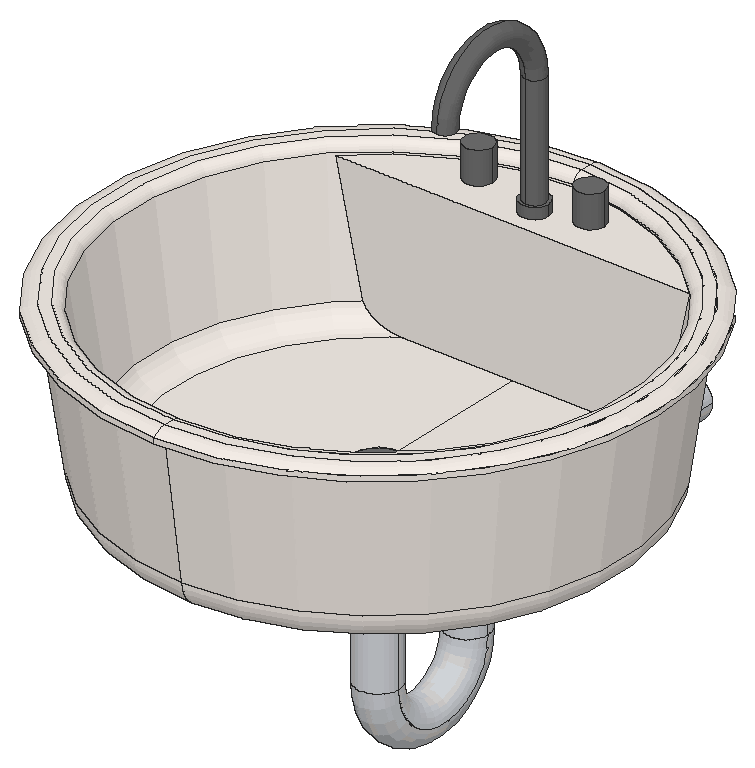
Revit family "RYN_PLU_MRVBasicRoundSink", category Plumbing Fixtures, Revit 2025
Family settings
  Round Connector Dimension = Use Diameter
  Part Type = Normal
  Work Plane-Based = Yes
  Enable Cutting in Views = No
  Always vertical = Yes
  Cut with Voids When Loaded = Yes
  Maintain Annotation Orientation = No
  Shared = Yes
  Room Calculation Point = No
Parameters (values of type "6" Deep")
  Waste Connection = no
  Vent Connection = no
  Sink Depth = 0' - 6"
  Radius [instance] = 0' - 10"
  HW Connection = no
  Fixture/Piping Material = none
  Default Elevation = 4' - 0"
  CW Connection = no
  Assembly Code = "D2010400"
  Basin Material = Porcelain - Linen
  Faucet Material = Metal - Steel, Polished
  Top Of Counter [instance] = 2' - 10"
Types (2): name
  6" Deep
  RYN_PLU_MRVBasicRoundSink
Reference planes (in)
  plane 1: z = 0
  plane 2 "Center (Left/Right)": x = 3.80519
  plane 3 "Top": z = 34
  plane 4: y = 12.85306
  plane 5: y = 12.10306
  plane 6: z = 38.375
Forms (in)
  Revolve 1, solid, material "Porcelain - Linen" <- "Basin Material"
    sketch origin (3.80519, 0, 0) x (0, 1, 0) y (0, 0, 1)
      loop
        line (13.35306, 34) -> (13.35306, 34.1875)
        arc (13.35306, 34.1875) -> (13.12006, 34.32658) -> (12.85306, 34.375) r 0.76042
        line (12.85306, 34.375) -> (12.47386, 34.375)
        arc (12.47386, 34.375) -> (12.22924, 34.28423) -> (12.10305, 34.05586) r 0.375
        line (12.10305, 34.05586) -> (11.4445, 29.66551)
        arc (11.4445, 29.66551) -> (11.07895, 29.18315) -> (10.5021, 29) r 1
        line (10.5021, 29) -> (4.22806, 29) -> (4.22806, 28) -> (11.10306, 28)
        arc (11.10306, 28) -> (11.81017, 28.29289) -> (12.10306, 29) r 1
        line (12.10306, 29) -> (12.85306, 34) -> (13.35306, 34)
      axis (3.35306, 34.375) -> (3.35306, 28)
    angle from 0 to 360
  Extrusion 2, solid, material "Metal - Steel, Polished" <- "Faucet Material"
    sketch origin (0, 0, 0) x (1, 0, 0) y (0, 1, 0)
      loop
        circle (5.80519, 10.35306) r 0.5
    from 35.5 to 34.375
  Extrusion 3, solid, material "Metal - Steel, Polished" <- "Faucet Material"
    sketch origin (-4, 0, 0) x (1, 0, 0) y (0, 1, 0)
      loop
        circle (5.80519, 10.35306) r 0.5
    from 35.5 to 34.375
  Extrusion 4, solid, material "Metal - Steel, Polished" <- "Faucet Material"
    sketch origin (-2, 0, 0) x (1, 0, 0) y (0, 1, 0)
      loop
        circle (5.80519, 10.35306) r 0.5
    from 34.375 to 34
  Sweep 5, solid, material "Metal - Steel, Polished" <- "Faucet Material"
    path origin (3.80519, 0, 0) x (0, 1, 0) y (0, 0, 1)
      loop
        line (10.35306, 34.375) -> (10.35306, 38.375)
        arc (10.35306, 38.375) -> (8.35306, 40.375) -> (6.35306, 38.375) r 2
    profile origin (3.80519, 0, 36.375) x (0, -1, 0) y (1, 0, 0)
      loop
        circle (-10.35306, 0) r 0.375
  Extrusion 6, solid, material "Metal - Steel, Polished" <- "Faucet Material"
    sketch origin (0, 0, 0) x (1, 0, 0) y (0, 1, 0)
      loop
        circle (3.80519, 3.35306) r 0.875
    from 28 to 29
  Sweep 7, solid, material <- "Fixture/Piping Material"
    path origin (3.80519, 0, 0) x (0, 1, 0) y (0, 0, 1)
      loop
        line (3.35306, 28) -> (3.35306, 22)
        arc (3.35306, 22) -> (5.35306, 20) -> (7.35306, 22) r 2
        line (7.35306, 22) -> (7.35306, 23)
        arc (7.35306, 23) -> (7.93885, 24.41421) -> (9.35306, 25) r 2
        line (9.35306, 25) -> (17.35306, 25)
    profile origin (11.55865, 0, 25) x (1, 0, 0) y (0, 1, 0)
      loop
        circle (-7.75346, 3.35306) r 0.75
  Blend 8, solid, material "Porcelain - Linen" <- "Basin Material"
    base sketch origin (0, 0, 28) x (0, -1, 0) y (1, 0, 0)
      loop
        line (-9.35306, -2.56368) -> (-9.35306, 10.17406)
        arc (-9.35306, 10.17406) -> (-12.10306, 3.80519) -> (-9.35306, -2.56368) r 8.75
    top sketch origin (0, 0, 28) x (0, -1, 0) y (1, 0, 0)
      loop
        arc (-9.35306, 11.17065) -> (-12.85306, 3.80519) -> (-9.35306, -3.56027) r 9.5
        line (-9.35306, -3.56027) -> (-9.35306, 11.17065)
    from 1 to 6
Cuts and joins
  joined: Extrusion 4, Sweep 5
Dimensions and locks (in)
  "Top Of Counter": plane 3 "Top" to plane 1
  level to plane 1 = 0' - 0"
  plane 3 "Top" to Revolve 1 sketch curve = 0' - 0 3/16"
  locked: plane 4 to plane 5 at 0.75
  locked: Revolve 1 sketch curve to Revolve 1 sketch curve at 0.875
  locked: Revolve 1 sketch curve to Revolve 1 sketch curve at 0.75
  locked: Sweep 7 sketch curve to Sweep 7 sketch curve at 5
  radius of Revolve 1 sketch curve = 0' - 1"  (x2)
  aligned and locked: Extrusion 2 to Extrusion 3
  aligned and locked: plane 5 to Revolve 1 sketch curve
  aligned and locked: plane 3 "Top" to Revolve 1 sketch curve
  aligned and locked: Revolve 1 sketch curve to plane 3 "Top"
  aligned and locked: Extrusion 6 sketch curve to Revolve 1
  aligned and locked: plane 3 "Top" to Extrusion 4
  aligned and locked: Blend 8 sketch curve to Revolve 1  (x2)
  aligned and locked: Blend 8 to plane 3 "Top"
  aligned and locked: Blend 8 to Revolve 1
  aligned and locked: Sweep 5 sketch curve to plane 6
Automatic sketch dimensions
  Extrusion 2 sketch curve to Extrusion 2 sketch curve = 0' - 0 1/2"
  Extrusion 3 sketch curve to Extrusion 3 sketch curve = 0' - 0 1/2"
  Sweep 5 sketch curve to profile plane = 0' - 0"
  Sweep 5 sketch curve to Sweep 5 sketch curve = 0' - 0 3/8"
  Sweep 7 sketch curve to plane 2 "Center (Left/Right)" = 0' - 0"
  Sweep 7 sketch curve to profile plane = 0' - 0"
  Revolve 1 sketch curve to level = 0' - 0"
  Revolve 1 sketch curve to plane 3 "Top" = 0' - 0"
  Revolve 1 sketch curve to plane 4 = 0' - 0"  (x2)
  plane 5 to Revolve 1 sketch curve = 0' - 0.65856"
  plane 5 to Revolve 1 sketch curve = 0' - 0"
  Sweep 5 sketch curve to Sweep 5 sketch curve = 0' - 0"
  Extrusion 4 sketch curve to plane 2 "Center (Left/Right)" = 0' - 0"
  Extrusion 4 sketch curve to Extrusion 4 sketch curve = 0' - 0 1/2"
  Revolve 1 sketch curve to Revolve 1 sketch curve = 0' - 6.27404"
  Revolve 1 sketch curve to plane 4 = 0' - 0 1/2"
  Extrusion 4 sketch curve to Extrusion 4 sketch curve = 0' - 0"
  Sweep 5 sketch curve to Sweep 5 sketch curve = 0' - 2"
  Sweep 7 sketch curve to Sweep 7 sketch curve = 0' - 2"  (x2)
  Sweep 7 sketch curve to Sweep 7 sketch curve = 0' - 8"
  Extrusion 2 sketch curve to Extrusion 2 sketch curve = 0' - 0"  (x2)
  plane 2 "Center (Left/Right)" to Extrusion 2 sketch curve = 0' - 2"
  plane 2 "Center (Left/Right)" to Blend 8 sketch curve = 0' - 7.36546"
  Extrusion 3 sketch curve to Extrusion 3 sketch curve = 0' - 0"  (x2)
  Extrusion 3 sketch curve to plane 2 "Center (Left/Right)" = 0' - 2"
  Blend 8 sketch curve to plane 2 "Center (Left/Right)" = 0' - 6.36887"
  Revolve 1 sketch curve to Revolve 1 sketch curve = 0' - 0.60096"
  plane 4 to Revolve 1 sketch curve = 0' - 0.3792"
  plane 3 "Top" to Sweep 7 sketch curve = 1' - 0"
  Sweep 7 sketch curve to Sweep 7 sketch curve = 0' - 6"
  plane 3 "Top" to Revolve 1 sketch curve = 0' - 6"
  plane 3 "Top" to Revolve 1 sketch curve = 0' - 0.38542"
  Revolve 1 sketch curve to plane 3 "Top" = 0' - 0 3/8"
  Sweep 5 sketch curve to plane 3 "Top" = 0' - 0 3/8"
  radius of Sweep 7 sketch curve = 0' - 0 3/4"
